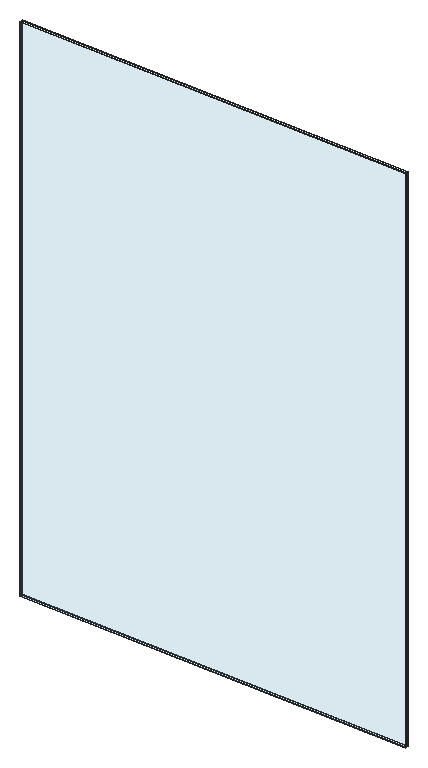
Revit family "ALSPEC ecoWALL 225 DGL Flush GLZ", category Curtain Panels, Revit 2017
Family settings
  OmniClass Number = 23.25.20.14.11.11.17
  OmniClass Title = Infill Panels
  Always vertical = Yes
  Cut with Voids When Loaded = No
  Shared = No
Parameters
  YEAR = "2019"
  VERSION = "2.0"
  TODAYS DATE = "05.02.2019"
  SINGLE GLAZED THICKNESS = 8 mm
  DOUBLE GLAZED THICKNESS = 25 mm
  D = B - (2 * A)  # 9 mm
  CREATOR = " Scott Isouard"  # constant formula
  COMPANY = "Archvis"  # constant formula
  C = if(D > 0 mm, B, (2 * A) + 0.8 mm)  # 25 mm
  B = if(DOUBLE GLAZED THICKNESS > 28 mm, 28 mm, if(DOUBLE GLAZED THICKNESS < 20 mm, 20 mm, DOUBLE GLAZED THICKNESS))  # 25 mm
  Assembly Code = ""
  Analytic Construction = "<None>"
  ANZRC Compliant = yes
  A = if(SINGLE GLAZED THICKNESS > 14 mm, 14 mm, if(SINGLE GLAZED THICKNESS < 4 mm, 4 mm, SINGLE GLAZED THICKNESS))  # 8 mm
Reference planes
  plane 1 "Center (Front/Back)": y = 0
  plane 2: z = 0
  plane 3 "Center (Left/Right)": x = 0
  plane 4 "Left": x = -1500
  plane 5 "Right": x = 1500
  plane 6 "Top": z = 4000
  plane 7: z = -50
  plane 8: y = 28.3
  plane 9: y = 40.8
  plane 10: y = 15.8
  plane 11: y = 32.8
  plane 12: y = 23.8
Forms (mm)
  Extrusion 1, solid, material "Glass"
    sketch origin (0, 0, 0) x (1, 0, 0) y (0, 1, 0)
      loop
        line (-1500, 40.8) -> (-1500, 32.8) -> (1500, 32.8) -> (1500, 40.8) -> (-1500, 40.8)
      loop
        line (-1500, 23.8) -> (-1500, 15.8) -> (1500, 15.8) -> (1500, 23.8) -> (-1500, 23.8)
    from 0 to 4000
Text (mm)
  text "Exterior" at (-1594.545, 108.878, 0), in view "Ref. Level"
  text "Exterior" at (0, 2290.741, 4406.713), in view "Left"
  text "Exterior" at (0, 1328.187, 4120.349), in view "Right"
Dimensions and locks
  equal spacing: plane 4 "Left", plane 3 "Center (Left/Right)", plane 5 "Right"
  locked: plane 7 to plane 2 at 50
  "C": plane 10 to plane 9
  equal spacing: plane 10, plane 8, plane 9
  locked: plane 1 "Center (Front/Back)" to plane 8 at 28.3
  "A": plane 10 to plane 12
  "A": plane 11 to plane 9
  aligned and locked: Extrusion 1 to plane 6 "Top"
  aligned and locked: plane 9 to Extrusion 1 sketch curve
  aligned and locked: Extrusion 1 sketch curve to plane 11
  aligned and locked: plane 12 to Extrusion 1 sketch curve
  aligned and locked: Extrusion 1 sketch curve to plane 10
Automatic sketch dimensions
  Extrusion 1 sketch curve to plane 4 "Left" = 0 mm  (x2)
  Extrusion 1 sketch curve to plane 5 "Right" = 0 mm  (x2)
